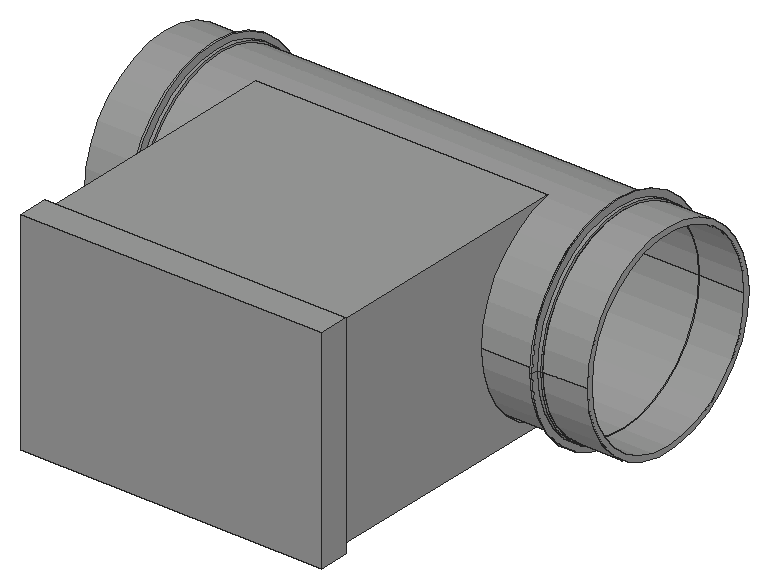
Revit family "Нагреватель электрический круглый E", category Арматура воздуховодов, Revit 2019
Family settings
  Размер круглого соединителя = Использовать диаметр
  Тип детали = Вставляется
  На основе рабочей плоскости = Нет
  Всегда вертикально = Да
  При загрузке вырезать с полостями = Нет
  Общий = Нет
Parameters (values of type "E...-100")
  Фазность = size_lookup(Таблица, "Фазность", "Данный типоразмер отсутствует", [Требуемая мощность, кВт], D)  # "1"
  Требуемая мощность, кВт = 1 mm
  Ток, А = size_lookup(Таблица, "Ток", "Данный типоразмер отсутствует", [Требуемая мощность, кВт], D)  # "4,5"
  Таблица = "Электронагреватель Е"  # constant formula
  Мощность нагревателя N,кВт = size_lookup(Таблица, "Power", "Данный типоразмер отсутствует", [Требуемая мощность, кВт], D)  # "1"
  Материал = RAL 0000 Серый металл
  Масса, кг = size_lookup(Таблица, "M", "Данный типоразмер отсутствует", [Требуемая мощность, кВт], D)  # "1,7"
  h1 = d / 2 + 20.5 mm  # 68 mm
  d+5 = d + 5 mm  # 100 mm
  d = 95 mm
  L = size_lookup(Таблица, "L", 0 mm, [Требуемая мощность, кВт], D)  # 250 mm
  H = 200 mm
  D = 100 mm
  B = 105 mm
  ADSK_Примечание = ""
  ADSK_Позиция = ""
  ADSK_Наименование = "Воздухонагреватель электрический для круглого канала"  # constant formula
  ADSK_Марка = size_lookup(Таблица, "", "Данный типоразмер отсутствует", [Требуемая мощность, кВт], D)  # "E1-100"
  ADSK_Код изделия = ""
  ADSK_Завод-изготовитель = "Naveka"  # constant formula
  ADSK_Единица измерения = "шт."
  d1 = (d + 5 mm) / 2  # 50 mm
Types (7, lengths in mm): name | Фазность | Требуемая мощность, кВт | Ток, А | Мощность нагревателя N,кВт | Масса, кг | h1 | d+5 | d | L | H | D | B | ADSK_Марка | d1
  (no name) | "1" | 1 | "4,5" | "1" | "1,7" | 68 | 100 | 95 | 250 | 200 | 100 | 105 | "E1-100" | 50
  E...-250 | "1" | 2 | "9,1" | "2" | "3,4" | 143 | 250 | 245 | 250 | 350 | 250 | 255 | "E2-250" | 125
  E...-100 | "1" | 1 | "4,5" | "1" | "1,7" | 68 | 100 | 95 | 250 | 200 | 100 | 105 | "E1-100" | 50
  E...-125 | "1" | 1 | "4,5" | "1" | "1,9" | 80.5 | 125 | 120 | 250 | 225 | 125 | 130 | "E1-125" | 62.5
  E...-160 | "1" | 3 | "6,8" | "3" | "2,6" | 98 | 160 | 155 | 250 | 260 | 160 | 165 | "E3-160" | 80
  E...-200 | "3" | 4.5 | "6,8" | "4,5" | "3,5" | 118 | 200 | 195 | 300 | 300 | 200 | 205 | "E4,5-200" | 100
  E...-315 | "1" | 3 | "13,6" | "3" | "4,2" | 175.5 | 315 | 310 | 250 | 415 | 315 | 320 | "E3-315" | 157.5
Reference planes
  plane 1 "По центру (Вперед/Назад)": y = 0
  plane 2: z = 0
  plane 3 "По центру (Влево/Вправо)": x = 0
  plane 4: x = 125
  plane 5: x = 102.5
  plane 6: x = -102.5
  plane 7: x = -125
  plane 8: x = -97.5
  plane 9: x = 97.5
  plane 10: z = -50
  plane 11: z = 50
  plane 12: x = 72.5
  plane 13: x = -72.5
  plane 14: y = -137.5
  plane 15: x = -35.974
  plane 16: y = -152.5
  plane 17: x = 100
  plane 18: z = 52.5
  plane 19: z = -52.5
  plane 20: x = -75
  plane 21: x = 75
  plane 22: y = -107.5
  plane 23: z = 26.25
Forms (mm)
  Extrusion 1, solid, material "RAL 0000 Серый металл" <- "Материал"
    sketch origin (0, 0, 0) x (0, 1, 0) y (0, 0, 1)
      loop
        circle (0, 0) r 47.5
      loop
        circle (0, 0) r 50
    from -102.5 to 102.5
  Extrusion 2, solid, material "RAL 0000 Серый металл" <- "Материал"
    sketch origin (0, 0, 0) x (0, 1, 0) y (0, 0, 1)
      loop
        circle (0, 0) r 47.5
      loop
        circle (0, 0) r 50
    from -125 to -102.5
  Extrusion 3, solid, material "RAL 0000 Серый металл" <- "Материал"
    sketch origin (0, 0, 0) x (0, 1, 0) y (0, 0, 1)
      loop
        circle (0, 0) r 47.5
      loop
        circle (0, 0) r 50
    from 102.5 to 125
  Revolve 4, solid, material "Каучук, черный"
    sketch origin (-42.969, 0, 0) x (1, 0, 0) y (0, 1, 0)
      loop
        line (-59.531, 50) -> (-54.531, 50) -> (-54.531, 50.798) -> (-56.546, 50.798) -> (-56.546, 53.992) -> (-57.454, 53.992) -> (-57.454, 50.798) -> (-59.531, 50.798) -> (-59.531, 50)
      axis (-59.531, 0) -> (-54.531, 0)
    angle from 0 to 360
  Revolve 5, solid, material "Каучук, черный"
    sketch origin (87.5, 0, 0) x (1, 0, 0) y (0, 1, 0)
      loop
        line (10, 50) -> (15, 50) -> (15, 50.799) -> (12.938, 50.799) -> (12.938, 53.952) -> (12.077, 53.952) -> (12.077, 50.799) -> (10, 50.799) -> (10, 50)
      axis (10, 0) -> (15, 0)
    angle from 0 to 360
  Extrusion 6, solid, material "RAL 0000 Серый металл" <- "Материал", detail levels fine
    sketch origin (0, 0, 0) x (0, 0, 1) y (0, -1, 0)
      loop
        arc (-50.004, 8.951) -> (-33.03, 38.594) -> (-1.121, 50.786) r 50.798
        arc (-1.121, 50.786) -> (32.162, 39.32) -> (50, 8.971) r 50.798
        line (50, 8.971) -> (50, 137.5) -> (-50.004, 137.5) -> (-50.004, 8.951)
    from -72.5 to 72.5
  Extrusion 7, solid, material "RAL 0000 Серый металл" <- "Материал", detail levels fine
    sketch origin (0, 0, 0) x (0, 1, 0) y (0, 0, 1)
      loop
        line (-137.5, 52.5) -> (-152.5, 52.5) -> (-152.5, -52.5) -> (-137.5, -52.5) -> (-137.5, 52.5)
    from -75 to 75
  Revolve 8, solid, material "Пластмасса, непрозрачная, белая", detail levels fine
    sketch origin (-1271.522, 865.91, 26.25) x (0, 1, 0) y (-1, 0, 0)
      loop
        line (-973.41, -1196.522) -> (-973.41, -1193.991) -> (-975.813, -1193.991) -> (-975.813, -1195.184) -> (-976.659, -1195.184) -> (-976.659, -1193.399) -> (-980.104, -1193.399) -> (-981.103, -1192.7) -> (-982.851, -1191.873) -> (-984.825, -1191.403) -> (-987.12, -1192.728) -> (-987.12, -1196.522) -> (-973.41, -1196.522)
      axis (-973.41, -1191.403) -> (-973.41, -1196.522)
    angle from 0 to 360
Lines and regions (mm)
  model lines, detail levels coarse
    curve 1: circle (0, 0, 0) r 66 normal (0, 0, 1)
    curve 2: line (0, 55, 0) -> (0, -55, 0)
  model lines, detail levels medium
    curve 3: circle (0, 0, 0) r 45 normal (0, -1, 0)
    curve 4: line (0, 0, 45) -> (0, 0, -45)
    curve 5: line (-45, 0, 0) -> (45, 0, 0)
  model lines, not visible, detail levels coarse
    curve 6: line (0, 55, 0) -> (0, -55, 0)
  model lines, not visible, detail levels medium
    curve 7: circle (0, 0, 0) r 45 normal (0, -1, 0)
    curve 8: line (0, 0, 45) -> (0, 0, -45)
    curve 9: line (-45, 0, 0) -> (45, 0, 0)
Dimensions and locks
  locked: plane 5 to plane 4 at 22.5
  locked: plane 7 to plane 6 at 22.5
  plane 6 to plane 5 = 205 mm
  "L": plane 7 to plane 4
  equal spacing: plane 13, plane 3 "По центру (Влево/Вправо)", plane 12
  equal spacing: plane 6, plane 3 "По центру (Влево/Вправо)", plane 5
  "d1": plane 1 "По центру (Вперед/Назад)" to Revolve 4 sketch curve
  "d1": plane 1 "По центру (Вперед/Назад)" to Revolve 5 sketch curve
  equal spacing: plane 9, plane 17, plane 5
  locked: plane 10 to plane 19 at 2.5
  locked: plane 18 to plane 11 at 2.5
  locked: plane 14 to plane 16 at 15
  locked: plane 20 to plane 13 at 2.5
  locked: plane 12 to plane 21 at 2.5
  "H": Extrusion 3 to plane 16
  "B": plane 18 to plane 19
  equal spacing: plane 18, level, plane 19
  locked: plane 22 to plane 14 at 30
  equal spacing: plane 18, plane 23, level
  locked: plane 6 to plane 8 at 5
  locked: plane 9 to plane 5 at 5
  plane 20 to plane 21 = 150 mm
  locked: plane 7 to plane 20 at 50
  plane 21 to plane 4 = 50 mm
  "d": diameter of Extrusion 1 sketch curve
  "d+5": diameter of Extrusion 1 sketch curve
  "d": diameter of Extrusion 2 sketch curve
  "d+5": diameter of Extrusion 2 sketch curve
  "d": diameter of Extrusion 3 sketch curve
  "d+5": diameter of Extrusion 3 sketch curve
  aligned and locked: level to plane 2
  aligned and locked: plane 5 to Extrusion 3
  aligned and locked: Extrusion 1 to plane 5
  aligned and locked: Extrusion 2 to plane 6
  aligned and locked: plane 6 to Extrusion 1
  aligned and locked: plane 7 to Extrusion 2
  aligned and locked: Extrusion 3 to plane 4
  aligned and locked: plane 6 to Revolve 4
  aligned and locked: plane 9 to Revolve 5
  aligned and locked: Extrusion 6 to plane 13
  aligned and locked: Extrusion 6 to plane 12
  aligned and locked: Extrusion 6 sketch curve to plane 11
  aligned and locked: Extrusion 6 sketch curve to Revolve 4  (x2)
  aligned and locked: plane 18 to Extrusion 7 sketch curve
  aligned and locked: plane 14 to Extrusion 7 sketch curve
  aligned and locked: Extrusion 7 sketch curve to plane 19
  aligned and locked: Extrusion 7 sketch curve to plane 16
  aligned and locked: Extrusion 7 to plane 20
  aligned and locked: Revolve 8 sketch curve to plane 22
  aligned and locked: plane 23 to Revolve 8
  aligned and locked: plane 8 to Revolve 4
  aligned and locked: Revolve 8 sketch curve to plane 20
  aligned and locked: Extrusion 7 to plane 21
Automatic sketch dimensions
  Extrusion 6 sketch curve to plane 14 = 0 mm
  Extrusion 6 sketch curve to plane 10 = 0.004 mm
  Extrusion 6 sketch curve to level = 1.121 mm
  Revolve 8 sketch curve to plane 20 = 0 mm
  Revolve 8 sketch curve to plane 22 = 0 mm
  Revolve 8 sketch curve to plane 22 = 2.403 mm
  Revolve 8 sketch curve to Revolve 8 sketch curve = 0.846 mm
  Revolve 8 sketch curve to Revolve 8 sketch curve = 3.445 mm
  Revolve 8 sketch curve to plane 20 = 3.822 mm
  Revolve 8 sketch curve to Revolve 8 sketch curve = 0.999 mm
  Revolve 8 sketch curve to plane 20 = 4.648 mm
  Revolve 8 sketch curve to Revolve 8 sketch curve = 1.748 mm
  Revolve 8 sketch curve to plane 20 = 5.118 mm
  Revolve 8 sketch curve to Revolve 8 sketch curve = 1.974 mm
  Revolve 8 sketch curve to plane 20 = 3.794 mm
  Revolve 8 sketch curve to Revolve 8 sketch curve = 2.294 mm
  Revolve 8 sketch curve to plane 20 = 1.338 mm
  Revolve 8 sketch curve to Revolve 8 sketch curve = 1.193 mm
  Revolve 8 sketch curve to Revolve 8 sketch curve = 0.699 mm
  plane 13 to Revolve 8 sketch curve = 14.598 mm
  plane 1 "По центру (Вперед/Назад)" to curve 1 = 0 mm
  curve 1 to plane 3 "По центру (Влево/Вправо)" = 0 mm
  Extrusion 1 sketch curve to Extrusion 1 sketch curve = 0 mm  (x2)
  Extrusion 1 sketch curve to level = 0 mm
  Extrusion 1 sketch curve to plane 1 "По центру (Вперед/Назад)" = 0 mm
  Extrusion 2 sketch curve to Extrusion 2 sketch curve = 0 mm  (x2)
  Extrusion 2 sketch curve to level = 0 mm
  Extrusion 2 sketch curve to plane 1 "По центру (Вперед/Назад)" = 0 mm
  Extrusion 3 sketch curve to Extrusion 3 sketch curve = 0 mm  (x2)
  Extrusion 3 sketch curve to level = 0 mm
  Extrusion 3 sketch curve to plane 1 "По центру (Вперед/Назад)" = 0 mm
  plane 1 "По центру (Вперед/Назад)" to Revolve 4 sketch curve = 0 mm
  Revolve 4 sketch curve to plane 6 = 0 mm
  Revolve 4 sketch curve to plane 8 = 0 mm
  Revolve 4 sketch curve to plane 6 = 2.077 mm
  Revolve 4 sketch curve to Revolve 4 sketch curve = 0.908 mm
  Revolve 4 sketch curve to Revolve 4 sketch curve = 0.798 mm  (x2)
  Revolve 4 sketch curve to Revolve 4 sketch curve = 3.193 mm
  plane 6 to Revolve 4 sketch curve = 5 mm
  Revolve 4 sketch curve to plane 5 = 10 mm
  plane 1 "По центру (Вперед/Назад)" to Revolve 5 sketch curve = 0 mm
  Revolve 5 sketch curve to plane 9 = 0 mm
  Revolve 5 sketch curve to plane 5 = 0 mm
  plane 17 to Revolve 5 sketch curve = 0.423 mm
  Revolve 5 sketch curve to plane 17 = 0.438 mm
  Revolve 5 sketch curve to Revolve 5 sketch curve = 0.799 mm  (x2)
  Revolve 5 sketch curve to Revolve 5 sketch curve = 3.153 mm
  plane 12 to Revolve 5 sketch curve = 2.5 mm
  Revolve 5 sketch curve to plane 4 = 65.052 mm
  radius of curve 1 = 66 mm
Connectors
  hvac at (-125, 0, 0), driven by "D"
    settings: on Extrusion 2, index 1, duct flow 0.0 L/s, flow factor 0, pres drop 0.0 Pa, loss coef 0, conn angle 0.00°, conn width 304.8 mm, conn height 304.8 mm, conn diameter 100 mm, duct sys type 29, conn prof type 0, flow config 0, flow direction 0, loss method 0, conn ref index 2, conn util no, is conn primary yes, conn desc ""
  hvac at (125, 0, 0), driven by "D"
    settings: on Extrusion 3, index 2, duct flow 0.0 L/s, flow factor 0, pres drop 0.0 Pa, loss coef 0, conn angle 0.00°, conn width 304.8 mm, conn height 304.8 mm, conn diameter 100 mm, duct sys type 29, conn prof type 0, flow config 0, flow direction 0, loss method 0, conn ref index 1, conn util no, is conn primary no, conn desc ""
